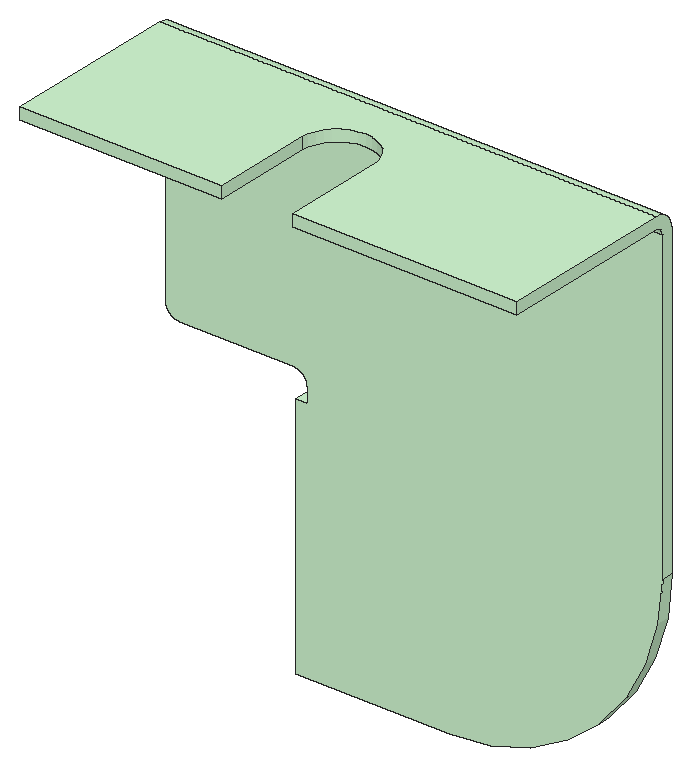
Revit family "ブレース金具SMT", category 機械設備, Revit 2022
Family settings
  丸型コネクタ寸法 = 直径を使用
  種別 = なし
  パーツ タイプ = 標準
  作業面ベース = いいえ
  常に垂直 = はい
  ロード時にボイドで切り取り = いいえ
  注釈の向きを維持 = いいえ
  共有 = いいえ
  部屋計算ポイント = いいえ
Parameters
  製造元 = "株式会社桐井製作所"
  既定の高さ = 0 mm
  URL = "https://www.kirii.co.jp/"
  K_板厚(mm) = 1.6 mm
  K_品名 = "ブレース金具SMT"
  K_名称 = "斜め部材(ブレース)下部取付金具"
  K_入数 = "100"
  K_バージョン情報 = "20250901"
Reference planes
  plane 1 "中心(正面/背面)": y = 0
  plane 2: z = 0
  plane 3 "中心(左/右)": x = 0
Forms (mm)
  Extrusion 1, solid
    sketch origin (-33.4, 0, -9.2) x (0, 1, 0) y (0, 0, 1)
      loop
        line (-25.6, 10.8) -> (-25.6, 9.2) -> (-1.2, 9.2)
        arc (-1.2, 9.2) -> (-0.351, 8.849) -> (0, 8) r 1.2
        line (0, 8) -> (0, -65.5) -> (1.6, -65.5) -> (1.6, 8.2)
        arc (1.6, 8.2) -> (0.838, 10.038) -> (-1, 10.8) r 2.6
        line (-1, 10.8) -> (-25.6, 10.8)
    from 0 to 70
  Extrusion 2, solid
    sketch origin (-17.226, 0, -9.6) x (0, 1, 0) y (0, 0, 1)
      loop
        line (18, -30.4) -> (0, -30.4) -> (0, -65.1) -> (18, -65.1)
        arc (18, -65.1) -> (19.414, -64.514) -> (20, -63.1) r 2
        line (20, -63.1) -> (20, -32.4)
        arc (20, -32.4) -> (19.414, -30.986) -> (18, -30.4) r 2
      loop
        circle (11.8, -39.1) r 2.25
      loop
        circle (11.8, -59.1) r 2.25
    from 2.226 to 3.826
  Extrusion 3, void
    sketch origin (46.6, 0, -9.2) x (-1, 0, 0) y (0, 0, -1)
      loop
        arc (10, 35.5) -> (18.787, 56.713) -> (40, 65.5) r 30
        line (40, 65.5) -> (10, 65.5) -> (10, 35.5)
    from -1.6 to 0
  Extrusion 4, void
    sketch origin (0, 1.2, -85.6) x (0, 0, -1) y (-1, 0, 0)
      loop
        line (-49.6, 31.4) -> (-49.6, 15.4)
        arc (-49.6, 15.4) -> (-49.014, 13.986) -> (-47.6, 13.4) r 2
        line (-47.6, 13.4) -> (-10.9, 13.4) -> (-10.9, 33.4) -> (-51.6, 33.4)
        arc (-51.6, 33.4) -> (-50.186, 32.814) -> (-49.6, 31.4) r 2
    from -1.2 to 0.4
  Extrusion 5, void
    sketch origin (-100.6, -29.6, -9.2) x (1, 0, 0) y (0, 1, 0)
      loop
        arc (105.6, 18.095) -> (100.602, 23.1) -> (95.6, 18.1) r 5
        line (95.6, 18.1) -> (95.6, 4) -> (105.6, 4) -> (105.6, 18.095)
    from 9.2 to 10.8
Cuts and joins
  Extrusion 3, Extrusion 4, Extrusion 5 cuts Extrusion 1
  Extrusion 3 cuts Extrusion 2
  joined: Extrusion 1, Extrusion 2
Dimensions and locks
  aligned and locked: level to plane 2
